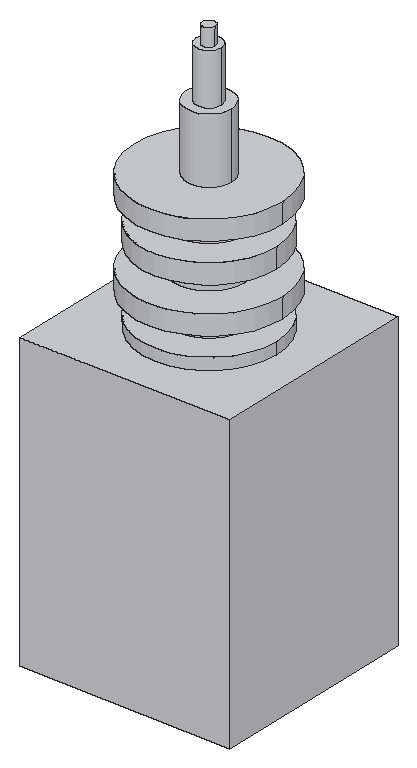
Revit family "GIS_Transformer_BushingHV", category Modelos genéricos, Revit 2027
Family settings
  Pode hospedar o vergalhão = Não
  Cota do conector redondo = Utilizar diâmetro
  Tipo de parte = Normal
  Com base no plano de trabalho = Não
  Sempre na vertical = Sim
  Corte com vazios quando carregada = Não
  Manter orientação da anotação = Não
  Compartilhado = Não
  Ponto de cálculo do ambiente = Não
Parameters (values of type "TR_BUSHING_HV_STUDY")
  Elevação padrão = 0 mm
  BIM_TensaoSecundaria_kV = 0
  BIM_TensaoNominal_kV = 138
  BIM_TensaoClasse_kV = 145
  BIM_TensaoClasseSecundaria_kV = 0
  BIM_TensaoAuxiliarCA_kV = 0
  BIM_Sistema_Elemento [instance] = ""
  BIM_ReferenciaCatalogo = "Portfolio estimate; bushing datasheet pending"
  BIM_Profundidade = 500 mm
  BIM_Potencia_MVA = 0
  BIM_Localizacao [instance] = ""
  BIM_Largura = 500 mm
  BIM_Impedancia_pu = 0
  BIM_FonteGeometria = "Portfolio estimate; bushing datasheet pending"
  BIM_Fabricante = "NAO SELECIONADO"
  BIM_EstadoGeometria = "ESTIMATED"
  BIM_EstadoEspecificacao = "PREMISSA / NAO SELECIONADO"
  BIM_DescricaoEstudo = "Bucha de alta tensao conceitual; classe de isolamento e terminais pendentes."
  BIM_CorrenteReferenciaSecundaria_A = 0
  BIM_CorrenteNominal_A = 0
  BIM_Bay [instance] = ""
  BIM_AlturaCorpoPrincipal = 702 mm
  BIM_Altura = 1350 mm
Reference planes
  plane 1 "Centro (Frente/Trás)": y = 0
  plane 2: z = 0
  plane 3 "Centro (Esquerda/Direita)": x = 0
  plane 4 "BIM Left": x = -250
  plane 5 "BIM Right": x = 250
  plane 6 "BIM Front": y = -250
  plane 7 "BIM Back": y = 250
Forms (mm)
  Extrusion 1, solid
    sketch origin (0, 0, 0) x (1, 0, 0) y (0, 1, 0)
      loop
        line (-250, -250) -> (250, -250) -> (250, 250) -> (-250, 250) -> (-250, -250)
    from 0 to 702 <- "BIM_AlturaCorpoPrincipal"
  Extrusion 2, solid
    sketch origin (0, 0, 135) x (1, 0, 0) y (0, 1, 0)
      loop
        line (-165, -165) -> (165, -165) -> (165, 165) -> (-165, 165) -> (-165, -165)
    from 0 to 162
  Extrusion 3, solid
    sketch origin (0, 0, 256.5) x (1, 0, 0) y (0, 1, 0)
      loop
        circle (0, 0) r 142.5
    from 0 to 216
  Extrusion 4, solid
    sketch origin (0, 0, 378) x (1, 0, 0) y (0, 1, 0)
      loop
        circle (0, 0) r 177
    from 0 to 47.25
  Extrusion 5, solid
    sketch origin (0, 0, 479.25) x (1, 0, 0) y (0, 1, 0)
      loop
        circle (0, 0) r 162
    from 0 to 47.25
  Extrusion 6, solid
    sketch origin (0, 0, 580.5) x (1, 0, 0) y (0, 1, 0)
      loop
        circle (0, 0) r 177
    from 0 to 47.25
  Extrusion 7, solid
    sketch origin (0, 0, 681.75) x (1, 0, 0) y (0, 1, 0)
      loop
        circle (0, 0) r 162
    from 0 to 47.25
  Extrusion 8, solid
    sketch origin (0, 0, 783) x (1, 0, 0) y (0, 1, 0)
      loop
        circle (0, 0) r 177
    from 0 to 47.25
  Extrusion 9, solid
    sketch origin (0, 0, 884.25) x (1, 0, 0) y (0, 1, 0)
      loop
        circle (0, 0) r 162
    from 0 to 47.25
  Extrusion 10, solid
    sketch origin (0, 0, 985.5) x (1, 0, 0) y (0, 1, 0)
      loop
        circle (0, 0) r 177
    from 0 to 47.25
  Extrusion 11, solid
    sketch origin (0, 0, 418.5) x (1, 0, 0) y (0, 1, 0)
      loop
        circle (0, 0) r 87
    from 0 to 607.5
  Extrusion 12, solid
    sketch origin (0, 0, 1026) x (1, 0, 0) y (0, 1, 0)
      loop
        circle (0, 0) r 54
    from 0 to 162
  Extrusion 13, solid
    sketch origin (0, 0, 1188) x (1, 0, 0) y (0, 1, 0)
      loop
        circle (0, 0) r 30
    from 0 to 121.5
  Extrusion 14, solid
    sketch origin (0, 0, 1309.5) x (1, 0, 0) y (0, 1, 0)
      loop
        circle (0, 0) r 15
    from 0 to 40.5
Dimensions and locks
  "BIM_Largura": plane 4 "BIM Left" to plane 5 "BIM Right"
  "BIM_Profundidade": plane 6 "BIM Front" to plane 7 "BIM Back"
  aligned and locked: level to plane 2
  aligned and locked: plane 4 "BIM Left" to Extrusion 1
  aligned and locked: Extrusion 1 to plane 5 "BIM Right"
  aligned and locked: Extrusion 1 to plane 6 "BIM Front"
  aligned and locked: plane 7 "BIM Back" to Extrusion 1
Automatic sketch dimensions
  Extrusion 1 sketch curve to plane 4 "BIM Left" = 0 mm
  Extrusion 1 sketch curve to plane 5 "BIM Right" = 0 mm
  Extrusion 1 sketch curve to plane 6 "BIM Front" = 0 mm
  Extrusion 1 sketch curve to plane 7 "BIM Back" = 0 mm
  Extrusion 2 sketch curve to plane 4 "BIM Left" = 85 mm
  plane 5 "BIM Right" to Extrusion 2 sketch curve = 85 mm
  plane 6 "BIM Front" to Extrusion 2 sketch curve = 85 mm
  Extrusion 2 sketch curve to plane 7 "BIM Back" = 85 mm
  Extrusion 3 sketch curve to Extrusion 3 sketch curve = 0 mm  (x2)
  plane 1 "Centro (Frente/Trás)" to Extrusion 3 sketch curve = 0 mm
  Extrusion 3 sketch curve to plane 3 "Centro (Esquerda/Direita)" = 0 mm
  Extrusion 3 sketch curve to plane 4 "BIM Left" = 107.5 mm
  Extrusion 4 sketch curve to Extrusion 4 sketch curve = 0 mm  (x2)
  plane 1 "Centro (Frente/Trás)" to Extrusion 4 sketch curve = 0 mm
  Extrusion 4 sketch curve to plane 3 "Centro (Esquerda/Direita)" = 0 mm
  Extrusion 4 sketch curve to plane 4 "BIM Left" = 73 mm
  Extrusion 5 sketch curve to Extrusion 5 sketch curve = 0 mm  (x2)
  plane 1 "Centro (Frente/Trás)" to Extrusion 5 sketch curve = 0 mm
  Extrusion 5 sketch curve to plane 3 "Centro (Esquerda/Direita)" = 0 mm
  Extrusion 5 sketch curve to plane 4 "BIM Left" = 88 mm
  Extrusion 6 sketch curve to Extrusion 6 sketch curve = 0 mm  (x2)
  plane 1 "Centro (Frente/Trás)" to Extrusion 6 sketch curve = 0 mm
  Extrusion 6 sketch curve to plane 3 "Centro (Esquerda/Direita)" = 0 mm
  Extrusion 6 sketch curve to plane 4 "BIM Left" = 73 mm
  Extrusion 7 sketch curve to Extrusion 7 sketch curve = 0 mm  (x2)
  plane 1 "Centro (Frente/Trás)" to Extrusion 7 sketch curve = 0 mm
  Extrusion 7 sketch curve to plane 3 "Centro (Esquerda/Direita)" = 0 mm
  Extrusion 7 sketch curve to plane 4 "BIM Left" = 88 mm
  Extrusion 8 sketch curve to Extrusion 8 sketch curve = 0 mm  (x2)
  plane 1 "Centro (Frente/Trás)" to Extrusion 8 sketch curve = 0 mm
  Extrusion 8 sketch curve to plane 3 "Centro (Esquerda/Direita)" = 0 mm
  Extrusion 8 sketch curve to plane 4 "BIM Left" = 73 mm
  Extrusion 9 sketch curve to Extrusion 9 sketch curve = 0 mm  (x2)
  plane 1 "Centro (Frente/Trás)" to Extrusion 9 sketch curve = 0 mm
  Extrusion 9 sketch curve to plane 3 "Centro (Esquerda/Direita)" = 0 mm
  Extrusion 9 sketch curve to plane 4 "BIM Left" = 88 mm
  Extrusion 10 sketch curve to Extrusion 10 sketch curve = 0 mm  (x2)
  plane 1 "Centro (Frente/Trás)" to Extrusion 10 sketch curve = 0 mm
  Extrusion 10 sketch curve to plane 3 "Centro (Esquerda/Direita)" = 0 mm
  Extrusion 10 sketch curve to plane 4 "BIM Left" = 73 mm
  Extrusion 11 sketch curve to Extrusion 11 sketch curve = 0 mm  (x2)
  plane 1 "Centro (Frente/Trás)" to Extrusion 11 sketch curve = 0 mm
  Extrusion 11 sketch curve to plane 3 "Centro (Esquerda/Direita)" = 0 mm
  Extrusion 11 sketch curve to plane 3 "Centro (Esquerda/Direita)" = 87 mm
  Extrusion 12 sketch curve to Extrusion 12 sketch curve = 0 mm  (x2)
  plane 1 "Centro (Frente/Trás)" to Extrusion 12 sketch curve = 0 mm
  Extrusion 12 sketch curve to plane 3 "Centro (Esquerda/Direita)" = 0 mm
  Extrusion 12 sketch curve to plane 3 "Centro (Esquerda/Direita)" = 54 mm
  Extrusion 13 sketch curve to Extrusion 13 sketch curve = 0 mm  (x2)
  plane 1 "Centro (Frente/Trás)" to Extrusion 13 sketch curve = 0 mm
  Extrusion 13 sketch curve to plane 3 "Centro (Esquerda/Direita)" = 0 mm
  Extrusion 13 sketch curve to plane 3 "Centro (Esquerda/Direita)" = 30 mm
  Extrusion 14 sketch curve to Extrusion 14 sketch curve = 0 mm  (x2)
  plane 1 "Centro (Frente/Trás)" to Extrusion 14 sketch curve = 0 mm
  Extrusion 14 sketch curve to plane 3 "Centro (Esquerda/Direita)" = 0 mm
  Extrusion 14 sketch curve to plane 3 "Centro (Esquerda/Direita)" = 15 mm
